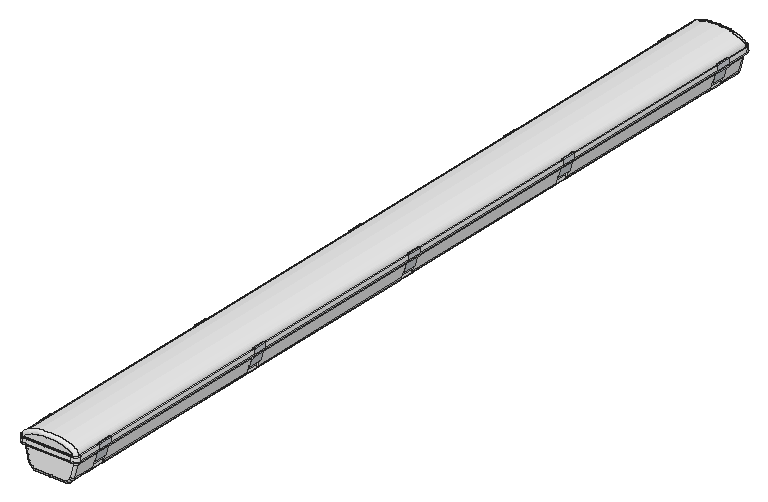
Revit family "0048804 Sylvania Lighting Fixture HYDROPROOF LED G3 1500MM T 4K E3 MW", category Lighting Fixtures, host Face, Revit 2016
Family settings
  Host = Face
  Part Type = Normal
  Round Connector Dimension = Use Diameter
  OmniClass Number = 23.80.70.11.14
  OmniClass Title = General Luminaries, Directional
  Cut with Voids When Loaded = No
  Light Source = Yes
  Shared = No
  Room Calculation Point = No
Parameters (values of type "0048804 HYDROPROOF LED G3 1500MM T 4K E3 MW")
  Width = 110 mm
  Weight = "2.95 kg"
  Wattage Comments = "n/a"
  Wattage = 50 W
  WarrantyStartDate [instance] = "n/a"
  WarrantyGuarantorParts = "n/a"
  WarrantyDurationUnit = "n/a"
  WarrantyDurationParts = "n/a"
  WarrantyDescription = "n/a"
  built-in parameter 1150110 = 1 (stored number, unit not read)
  Voltage = 230 V
  URL = "http://www.sylvania-lighting.com"
  TypeName = "HYDROPROOF LED G3 1500MM T 4K E3 MW"
  Type Image = <None>
  Type Comments = "n/a"
  built-in parameter 1114217 = 1 (stored number, unit not read)
  Tilt Angle = -90.00°
  built-in parameter 1150109 = 1 (stored number, unit not read)
  built-in parameter 1150134 = 12
  built-in parameter 1150113 = 1 (stored number, unit not read)
  SerialNumber [instance] = "n/a"
  ReflectorMaterial = none
  PowerFactor = 0
  PowerConsumption = "50 W"
  Photometric Web File = "0048804.ies"
  NominalWidth = 0 mm
  NominalLength = 1578 mm
  NominalHeight = 78 mm
  Name = "HYDROPROOF LED G3 1500MM T 4K E3 MW"
  ModelReference = "HYDROPROOF LED G3 1500MM T 4K E3 MW"
  ModelNumber = "0048804"
  Model = "HYDROPROOF LED G3 1500MM T 4K E3 MW"
  Material = "grp housing, pmma diffuser"
  ManufacturerName = "Feilo Sylvania"
  Manufacturer = "Feilo Sylvania"
  LuminousEfficacy = "135 lm/W"
  built-in parameter 1150105 = 537.15 (stored number, unit not read)
  Lumens = 6750 lm
  LuminaireType = ""
  built-in parameter 1150115 = 1 (stored number, unit not read)
  LightOutputRatio = "n/a"
  built-in parameter 1150137 = (empty or 0)
  built-in parameter 1150139 = (empty or 0)
  Length = 1572 mm
  LampsType = Lamp  # "LED"
  LampNominalLuminous = "6850 lm"
  LampMacAdamStep = "3"
  LampColourTemperature = "4000 K"
  LampColourRenderingIndex = "80"
  built-in parameter 1150112 = 1 (stored number, unit not read)
  built-in parameter 1150114 = 1 (stored number, unit not read)
  Lamp = "LED"
  Keynote = "16500"
  InstallationDate [instance] = "n/a"
  InputVoltage = "220-240V~"
  InputNominalFrequency = "50/60 Hz"
  built-in parameter 1150132 = (empty or 0)
  built-in parameter 1150102 = (empty or 0)
  built-in parameter 1150107 = 4000 (stored number, unit not read)
  built-in parameter 1150138 = (empty or 0)
  IngressProtection = "IP65"
  ImpactProtectionIndex = "IK02"
  built-in parameter 1150106 = 5.3715 (stored number, unit not read)
  IfcExportType = "IfcLightFixtureType"
  IfcExportAs = "IfcLightFixtureType"
  ExpectedLife = 50000
  Emit from Rectangle Width = Width - 20 mm  # 90 mm
  Emit from Rectangle Length = Length - 20 mm  # 1552 mm
  Emit Shape Visible in Rendering = no
  ElectricShockClassification = "Class I"
  built-in parameter 1150104 = 12.542 (stored number, unit not read)
  DurationUnit = "hours"
  DocumentationLiterature = "http://www.sylvania-lighting.com/product/en-int/products/0048804"
  DimmingControlOptions = "Non dimmable"
  Dimming Lamp Color Temperature Shift = <None>
  DiffuserMaterial = Diffuser-Sylvania-Transparent
  Description = "Hydroproof, integrated LED chemical resistant weatherproof luminaire, with UV stabilized flat diffuser and linear prisms designed to achieve uniform lit appearance, optimise light output and to reduce glare, stainless steel diffuser clips and fixing brackets for surface and wall mounting. L 1578 mm x W 110 mm x H 78 mm size, GRP housing, PMMA diffuser, Non dimmable,   3 hour emergency, 4000K, CRI80,  6850 lm, 50 W, 135 lm/W, nominal average life (h):50000, energy class: A++ A+ A Class I,IK02, IP65."
  Default Elevation = 1219.2 mm
  CreatedOn = "3/27/2018"
  CreatedBy = "aron.fodor@feilosylvania.com"
  Cost = 0
  Color Filter = 16777215
  built-in parameter 1114216 [instance] = (empty or 0)
  ClassificationValue = "EF_70_80"
  ClassificationName = "Uniclass2015"
  BodyMaterial = Body-Sylvania-Gray
  BarCode [instance] = "n/a"
  built-in parameter 1114218 = 1 (stored number, unit not read)
  built-in parameter 1150133 = 10 (stored number, unit not read)
  AssetType = "Fixed"
  AssetIdentifier [instance] = "n/a"
  Assembly Code = "D5020200"
  Apparent Load = 50 VA
  AccessoryMaterial = Diffuser-Sylvania-Glow
Types (2, lengths in mm): name | Wattage | PowerConsumption | Photometric Web File | built-in parameter 1150105 | Lumens | LampNominalLuminous | built-in parameter 1150106 | Apparent Load
  0048804 HYDROPROOF LED G3 1500MM T 4K E3 MW | 50 W | "50 W" | "0048804.ies" | 537.15 (stored number, unit not read) | 6750 lm | "6850 lm" | 5.3715 (stored number, unit not read) | 50 VA
  0048804 HYDROPROOF LED G3 1500MM T 4K E3 MW Emergency mode | 1.7037 W | "1.70 W" | "0048804EM.ies" | 18.303 (stored number, unit not read) | 230 lm | "230 lm" | 0.18303 (stored number, unit not read) | 1.7037 VA
Reference planes
  plane 1 "Center (Front/Back)": y = 0
  plane 2: z = 0
  plane 3 "Center (Left/Right)": x = 0
  plane 4: z = 54
  plane 5: x = -27.7
  plane 6: x = -34.8
  plane 7: x = -39.6
  plane 8: x = -42.2
  plane 9: z = 3
  plane 10: z = 7.8
  plane 11: z = 12.3
  plane 12: z = 36.6
  plane 13: z = 42.8
  plane 14: x = -51.1
  plane 15: z = 46.2
  plane 16: x = -55
  plane 17: y = 786
  plane 18: y = -786
  plane 19: x = 27.7
  plane 20: x = 34.8
  plane 21: x = 39.6
  plane 22: x = 42.2
  plane 23: x = 51.1
  plane 24: x = 55
  plane 25: y = 778.4
  plane 26: y = -778.4
  plane 27: y = -774.7
  plane 28: y = 774.7
  plane 29: z = 74
  plane 30: x = -51.5
  plane 31: x = 51.5
  plane 32: z = 55.2
  plane 33: y = -782.5
  plane 34: y = 782.5
  plane 35: x = -37.5
  plane 36: x = 37.5
  plane 37: x = -48.7
  plane 38: x = 48.7
  plane 39: x = 18
  plane 40: x = -18
  plane 41: z = 50.2
  plane 42: z = 24.6
  plane 43: y = 720
  plane 44: y = 706
  plane 45: y = 734
  plane 46: y = -720
  plane 47: y = 720
  plane 48: y = 706
  plane 49: y = 734
  plane 50: y = -720
  plane 51: y = -734
  plane 52: y = -706
  plane 53: y = 360
  plane 54: y = 346
  plane 55: y = 374
  plane 56: y = 0
  plane 57: y = -14
  plane 58: y = 14
  plane 59: y = -360
  plane 60: y = -374
  plane 61: y = -346
Forms (mm)
  Sweep 1, solid, material "Body-Sylvania-Gray" <- "BodyMaterial", detail levels medium+fine
    path origin (1223.4, -4572, 54) x (0, -1, 0) y (1, 0, 0)
      loop
        arc (-3796, -1278.4) -> (-3788.929, -1275.471) -> (-3786, -1268.4) r 10
        line (-3786, -1268.4) -> (-3786, -1178.4)
        arc (-3786, -1178.4) -> (-3788.929, -1171.329) -> (-3796, -1168.4) r 10
        line (-3796, -1168.4) -> (-5348, -1168.4)
        arc (-5348, -1168.4) -> (-5355.071, -1171.329) -> (-5358, -1178.4) r 10
        line (-5358, -1178.4) -> (-5358, -1268.4)
        arc (-5358, -1268.4) -> (-5355.071, -1275.471) -> (-5348, -1278.4) r 10
        line (-5348, -1278.4) -> (-3796, -1278.4)
    profile origin (-55, 0, 54) x (-1, 0, 0) y (0, 0, 1)
      loop
        line (0, 0) -> (-1, 0) -> (-1, -7.726)
        arc (-1, -7.726) -> (-1.994, -9.498) -> (-3.9, -10.2) r 2.937
        line (-3.9, -10.2) -> (-8.571, -10.2) -> (-8.571, -11.2) -> (-3.9, -11.2)
        arc (-3.9, -11.2) -> (-1.313, -10.231) -> (0, -7.8) r 3.937
        line (0, -7.8) -> (0, 0)
  Sweep 2, solid, material "Body-Sylvania-Gray" <- "BodyMaterial", detail levels medium+fine
    path origin (0, 0, 0) x (1, 0, 0) y (0, 0, 1)
      loop
        line (48.7, 42.8) -> (48.7, 36.6) -> (42.203, 12.31)
        arc (42.203, 12.31) -> (41.199, 9.884) -> (39.6, 7.8) r 10.052
        line (39.6, 7.8) -> (34.8, 3)
        arc (34.8, 3) -> (31.554, 0.781) -> (27.7, 0) r 9.902
        line (27.7, 0) -> (0, 0) -> (-27.7, 0)
        arc (-27.7, 0) -> (-31.554, 0.781) -> (-34.8, 3) r 9.902
        line (-34.8, 3) -> (-39.6, 7.8)
        arc (-39.6, 7.8) -> (-41.199, 9.884) -> (-42.203, 12.31) r 10.052
        line (-42.203, 12.31) -> (-48.7, 36.6) -> (-48.7, 42.8)
    profile origin (0, 0, 0) x (0, 0, -1) y (0, -1, 0)
      loop
        arc (0, 773.4) -> (-1.464, 776.936) -> (-5, 778.4) r 5
        line (-5, 778.4) -> (-7.8, 778.4) -> (-7.8, -778.4) -> (-5, -778.4)
        arc (-5, -778.4) -> (-1.464, -776.936) -> (0, -773.4) r 5
        line (0, -773.4) -> (0, 773.4)
  Extrusion 3, solid, material "Body-Sylvania-Gray" <- "BodyMaterial", detail levels medium+fine
    sketch origin (1524, 778.4, 1219.2) x (1, 0, 0) y (0, 0, 1)
      loop
        arc (-1558.668, -1204.874) -> (-1558.443, -1205.418) -> (-1558.085, -1205.885) r 2.252
        line (-1558.085, -1205.885) -> (-1553.231, -1210.738)
        arc (-1553.231, -1210.738) -> (-1552.534, -1211.227) -> (-1551.7, -1211.4) r 2.102
        line (-1551.7, -1211.4) -> (-1496.3, -1211.4)
        arc (-1496.3, -1211.4) -> (-1495.466, -1211.227) -> (-1494.769, -1210.738) r 2.102
        line (-1494.769, -1210.738) -> (-1489.915, -1205.885)
        arc (-1489.915, -1205.885) -> (-1489.557, -1205.418) -> (-1489.332, -1204.874) r 2.252
        line (-1489.332, -1204.874) -> (-1483.1, -1181.575) -> (-1483.1, -1176.4) -> (-1564.9, -1176.4) -> (-1564.9, -1181.575) -> (-1558.668, -1204.874)
    from 0 to 1556.8
  Sweep 4, solid, material "Diffuser-Sylvania-Transparent" <- "DiffuserMaterial", detail levels medium+fine
    path origin (0, 0, 0) x (1, 0, 0) y (0, 0, 1)
      loop
        spline (-51.5, 55.2) -> (-49.745, 60.066) -> (-44.6, 64.6) -> (-36.416, 68.494) -> (-25.75, 71.481) -> (-13.329, 73.359) -> (0, 74) -> (13.329, 73.359) -> (25.75, 71.481) -> (36.416, 68.494) -> (44.6, 64.6) -> (49.745, 60.066) -> (51.5, 55.2)
    profile origin (51.5, 0, 55.2) x (0, -1, 0) y (1, 0, 0)
      loop
        arc (782.5, -5.5) -> (780.889, -1.611) -> (777, 0) r 5.5
        line (777, 0) -> (-777, 0)
        arc (-777, 0) -> (-780.889, -1.611) -> (-782.5, -5.5) r 5.5
        line (-782.5, -5.5) -> (-782.5, -6.3) -> (-781.5, -6.3) -> (-781.5, -5.5)
        arc (-781.5, -5.5) -> (-780.182, -2.318) -> (-777, -1) r 4.5
        line (-777, -1) -> (777, -1)
        arc (777, -1) -> (780.182, -2.318) -> (781.5, -5.5) r 4.5
        line (781.5, -5.5) -> (781.5, -6.347) -> (782.5, -6.347) -> (782.5, -5.5)
  Extrusion 5, solid, material "Diffuser-Sylvania-Transparent" <- "DiffuserMaterial", detail levels medium+fine
    sketch origin (1524, -782.5, 1219.2) x (1, 0, 0) y (0, 0, 1)
      loop
        line (-1569.653, -1164) -> (-1478.347, -1164)
        spline (-1478.347, -1164) -> (-1478.969, -1162.594) -> (-1482.527, -1159.545) -> (-1489.588, -1156.201) -> (-1499.458, -1153.445) -> (-1511.242, -1151.663) -> (-1524, -1151.049) -> (-1536.758, -1151.663) -> (-1548.542, -1153.445) -> (-1558.412, -1156.201) -> (-1565.473, -1159.545) -> (-1569.031, -1162.594) -> (-1569.653, -1164)
    from 0 to -1
  Extrusion 6, solid, material "Diffuser-Sylvania-Transparent" <- "DiffuserMaterial", detail levels medium+fine
    sketch origin (1524, 782.5, 1219.2) x (1, 0, 0) y (0, 0, 1)
      loop
        spline (-1478.3, -1164) -> (-1478.931, -1162.565) -> (-1482.502, -1159.505) -> (-1489.572, -1156.155) -> (-1499.446, -1153.394) -> (-1511.236, -1151.614) -> (-1524, -1151.007) -> (-1536.764, -1151.614) -> (-1548.554, -1153.394) -> (-1558.428, -1156.155) -> (-1565.498, -1159.505) -> (-1569.069, -1162.565) -> (-1569.7, -1164)
        line (-1569.7, -1164) -> (-1478.3, -1164)
    from 0 to 1
  Extrusion 7, solid, material "Diffuser-Sylvania-Transparent" <- "DiffuserMaterial", detail levels medium+fine
    sketch origin (1223.4, -4572, 55.2) x (0, -1, 0) y (-1, 0, 0)
      loop
        arc (-5353.5, 1177.4) -> (-5352.182, 1174.218) -> (-5349, 1172.9) r 4.5
        line (-5349, 1172.9) -> (-3795, 1172.9)
        arc (-3795, 1172.9) -> (-3791.818, 1174.218) -> (-3790.5, 1177.4) r 4.5
        line (-3790.5, 1177.4) -> (-3790.5, 1269.4)
        arc (-3790.5, 1269.4) -> (-3791.818, 1272.582) -> (-3795, 1273.9) r 4.5
        line (-3795, 1273.9) -> (-5349, 1273.9)
        arc (-5349, 1273.9) -> (-5352.182, 1272.582) -> (-5353.5, 1269.4) r 4.5
        line (-5353.5, 1269.4) -> (-5353.5, 1177.4)
      loop
        line (-5358, 1268.4) -> (-5358, 1178.4)
        arc (-5358, 1178.4) -> (-5355.071, 1171.329) -> (-5348, 1168.4) r 10
        line (-5348, 1168.4) -> (-3796, 1168.4)
        arc (-3796, 1168.4) -> (-3788.929, 1171.329) -> (-3786, 1178.4) r 10
        line (-3786, 1178.4) -> (-3786, 1268.4)
        arc (-3786, 1268.4) -> (-3788.929, 1275.471) -> (-3796, 1278.4) r 10
        line (-3796, 1278.4) -> (-5348, 1278.4)
        arc (-5348, 1278.4) -> (-5355.071, 1275.471) -> (-5358, 1268.4) r 10
    from 0 to 1.2
  Extrusion 8, solid, material "Diffuser-Sylvania-Glow" <- "AccessoryMaterial", detail levels fine
    sketch origin (0, 0, 0) x (1, 0, 0) y (0, 0, 1)
      loop
        circle (-18, 50.2) r 8
      loop
        circle (18, 50.2) r 8
    from -774.7 to 774.7
  Extrusion 9, void
    sketch origin (0, 720, 2343.807) x (0, 0, -1) y (-1, 0, 0)
      loop
        line (2340.807, -37.5) -> (2331.507, -37.5) -> (2319.207, -42.2) -> (2319.207, -48.7) -> (2340.807, -48.7) -> (2340.807, -37.5)
      loop
        line (2340.807, 37.5) -> (2340.807, 48.7) -> (2319.207, 48.7) -> (2319.207, 42.2) -> (2331.507, 37.5) -> (2340.807, 37.5)
    from -14 to 14
  Extrusion 10, solid, material "Body-Sylvania-Gray" <- "BodyMaterial", detail levels coarse
    sketch origin (0, 0, 0) x (1, 0, 0) y (0, 0, 1)
      loop
        line (55, 42.8) -> (55, 55.2) -> (-55, 55.2) -> (-55, 42.791) -> (-42.2, 0) -> (42.2, 0) -> (55, 42.8)
    from -786 to 786
  Extrusion 11, solid, material "Diffuser-Sylvania-Transparent" <- "DiffuserMaterial", detail levels coarse
    sketch origin (0, 0, 0) x (1, 0, 0) y (0, 0, 1)
      loop
        arc (51.5, 55.2) -> (0, 74) -> (-51.5, 55.2) r 79.939
        line (-51.5, 55.2) -> (51.5, 55.2)
    from 778.4 to -778.4
  Extrusion 12, void, not visible
    sketch origin (0, 720, 2343.807) x (0, 0, -1) y (-1, 0, 0)
      loop
        line (2340.807, -37.5) -> (2331.507, -37.5) -> (2319.207, -42.2) -> (2319.207, -48.7) -> (2340.807, -48.7) -> (2340.807, -37.5)
      loop
        line (2340.807, 37.5) -> (2340.807, 48.7) -> (2319.207, 48.7) -> (2319.207, 42.2) -> (2331.507, 37.5) -> (2340.807, 37.5)
    from -14 to 14
  Extrusion 13, void
    sketch origin (0, -720, 2343.807) x (0, 0, -1) y (-1, 0, 0)
      loop
        line (2340.807, -37.5) -> (2331.507, -37.5) -> (2319.207, -42.2) -> (2319.207, -48.7) -> (2340.807, -48.7) -> (2340.807, -37.5)
      loop
        line (2340.807, 37.5) -> (2340.807, 48.7) -> (2319.207, 48.7) -> (2319.207, 42.2) -> (2331.507, 37.5) -> (2340.807, 37.5)
    from -14 to 14
  Extrusion 14, void
    sketch origin (0, 360, 2343.807) x (0, 0, -1) y (-1, 0, 0)
      loop
        line (2340.807, -37.5) -> (2331.507, -37.5) -> (2319.207, -42.2) -> (2319.207, -48.7) -> (2340.807, -48.7) -> (2340.807, -37.5)
      loop
        line (2340.807, 37.5) -> (2340.807, 48.7) -> (2319.207, 48.7) -> (2319.207, 42.2) -> (2331.507, 37.5) -> (2340.807, 37.5)
    from -14 to 14
  Extrusion 15, void
    sketch origin (0, 0, 2343.807) x (0, 0, -1) y (-1, 0, 0)
      loop
        line (2340.807, -37.5) -> (2331.507, -37.5) -> (2319.207, -42.2) -> (2319.207, -48.7) -> (2340.807, -48.7) -> (2340.807, -37.5)
      loop
        line (2340.807, 37.5) -> (2340.807, 48.7) -> (2319.207, 48.7) -> (2319.207, 42.2) -> (2331.507, 37.5) -> (2340.807, 37.5)
    from -14 to 14
  Extrusion 16, void
    sketch origin (0, -360, 2343.807) x (0, 0, -1) y (-1, 0, 0)
      loop
        line (2340.807, -37.5) -> (2331.507, -37.5) -> (2319.207, -42.2) -> (2319.207, -48.7) -> (2340.807, -48.7) -> (2340.807, -37.5)
      loop
        line (2340.807, 37.5) -> (2340.807, 48.7) -> (2319.207, 48.7) -> (2319.207, 42.2) -> (2331.507, 37.5) -> (2340.807, 37.5)
    from -14 to 14
Cuts and joins
  Extrusion 9, Extrusion 13, Extrusion 14, Extrusion 15, Extrusion 16 cuts Sweep 2
  Extrusion 13, Extrusion 14, Extrusion 15, Extrusion 16 cuts Extrusion 3
  joined: Sweep 2, Extrusion 3
  joined: Sweep 4, Extrusion 5, Extrusion 6
Dimensions and locks
  locked: plane 4 to plane 2 at 54
  plane 5 to plane 6 to plane 7 to plane 8 to plane 14 to plane 16 = 7.1 mm locked, 4.8 mm locked, 2.6 mm locked, 8.9 mm, 3.9 mm
  plane 4 to plane 15 to plane 13 to plane 12 to plane 11 to plane 10 to plane 9 = 7.8 mm locked, 3.4 mm, 6.2 mm locked, 24.3 mm locked, 4.5 mm locked, 4.8 mm locked
  equal spacing: plane 18, plane 1 "Center (Front/Back)", plane 17
  "Length": plane 18 to plane 17
  plane 19 to plane 20 to plane 21 to plane 22 to plane 23 to plane 24 = 7.1 mm locked, 4.8 mm locked, 2.6 mm locked, 8.9 mm, 3.9 mm
  equal spacing: plane 24, plane 3 "Center (Left/Right)", plane 16
  "Width": plane 24 to plane 16
  equal spacing: plane 27, plane 1 "Center (Front/Back)", plane 28
  locked: plane 26 to plane 27 at 3.7
  locked: Sweep 1 sketch curve to profile plane at 1
  locked: Sweep 1 sketch curve to plane 13 at 1
  locked: Sweep 1 sketch curve to plane 13 at 3.937  (x2)
  locked: Sweep 1 sketch curve to profile plane at 3.9  (x2)
  locked: plane 29 to plane 4 at 20
  equal spacing: plane 31, plane 3 "Center (Left/Right)", plane 30
  locked: plane 30 to plane 16 at 3.5
  locked: plane 32 to plane 4 at 1.2
  equal spacing: plane 33, plane 1 "Center (Front/Back)", plane 34
  equal spacing: plane 36, plane 3 "Center (Left/Right)", plane 35
  locked: plane 3 "Center (Left/Right)" to plane 35 at 37.5
  locked: plane 34 to plane 17 at 3.5
  equal spacing: plane 38, plane 3 "Center (Left/Right)", plane 37
  locked: plane 37 to plane 16 at 6.3
  equal spacing: plane 25, plane 1 "Center (Front/Back)", plane 26
  locked: plane 17 to plane 25 at 7.6
  locked: Sweep 2 sketch curve to plane 2 at 5  (x2)
  locked: Sweep 2 sketch curve to plane 26 at 5
  locked: plane 25 to Sweep 2 sketch curve at 5
  locked: Sweep 4 sketch curve to plane 31 at 5.5  (x2)
  locked: Sweep 4 sketch curve to plane 34 at 5.5
  plane 33 to Sweep 4 sketch curve = 5.5 mm
  locked: plane 34 to Sweep 4 sketch curve at 1
  locked: Sweep 4 sketch curve to plane 31 at 1
  locked: Sweep 4 sketch curve to Sweep 4 sketch curve at 1
  locked: Sweep 4 sketch curve to plane 31 at 6.347
  locked: Sweep 4 sketch curve to plane 31 at 6.3
  equal spacing: plane 39, plane 3 "Center (Left/Right)", plane 40
  locked: plane 3 "Center (Left/Right)" to plane 40 at 18
  locked: plane 42 to plane 2 at 24.6
  plane 45 to plane 43 to plane 44 = 14 mm locked, 14 mm locked
  locked: plane 17 to plane 43 at 66
  equal spacing: plane 43, plane 1 "Center (Front/Back)", plane 46
  plane 49 to plane 47 to plane 48 = 14 mm locked, 14 mm locked
  plane 52 to plane 50 to plane 51 = 14 mm locked, 14 mm locked  (x2)
  equal spacing: group 1, group 6, group 7, group 8, group 5  (x2)
  equal spacing: group 5, group 8, group 7, group 6, group 1
  plane 55 to plane 53 to plane 54 = 14 mm locked, 14 mm locked  (x2)
  plane 58 to plane 56 to plane 57 = 14 mm locked, 14 mm locked  (x2)
  plane 61 to plane 59 to plane 60 = 14 mm locked, 14 mm locked  (x2)
  plane 43 to plane 53 to plane 1 "Center (Front/Back)" to plane 59 to plane 50 = 360 mm locked, 360 mm locked, 360 mm locked, 360 mm locked
  aligned and locked: plane 2 to host face
  aligned and locked: level to host face
  aligned and locked: plane 16 to Sweep 1 sketch curve
  aligned and locked: Sweep 1 sketch curve to plane 24
  aligned and locked: plane 18 to Sweep 1 sketch curve
  aligned and locked: Sweep 1 sketch curve to plane 13
  aligned and locked: profile plane to Sweep 1 sketch curve
  aligned and locked: plane 3 "Center (Left/Right)" to Sweep 2 sketch curve
  aligned and locked: plane 9 to Sweep 2 sketch curve
  aligned and locked: plane 10 to Sweep 2 sketch curve
  aligned and locked: plane 37 to Sweep 2 sketch curve
  aligned and locked: plane 12 to Sweep 2 sketch curve
  aligned and locked: Sweep 2 sketch curve to level
  aligned and locked: plane 21 to Sweep 2 sketch curve
  aligned and locked: plane 38 to Sweep 2 sketch curve
  aligned and locked: profile plane to Sweep 2 sketch curve
  aligned and locked: plane 25 to Sweep 2 sketch curve
  aligned and locked: Sweep 2 sketch curve to plane 10
  aligned and locked: Extrusion 3 sketch curve to Sweep 2  (x7)
  aligned and locked: Sweep 2 to Extrusion 3 sketch curve
  aligned and locked: Extrusion 3 to plane 25
  aligned and locked: plane 26 to Extrusion 3
  aligned and locked: plane 32 to Sweep 4 sketch curve
  aligned and locked: plane 33 to Sweep 4 sketch curve
  aligned and locked: Sweep 4 to Extrusion 5
  aligned and locked: plane 33 to Extrusion 5
  aligned and locked: Extrusion 5 sketch curve to Sweep 4
  aligned and locked: cut or joined group of Sweep 4, Extrusion 5, Extrusion 6 to Extrusion 6 sketch curve
  aligned and locked: Extrusion 7 sketch curve to cut or joined group of Sweep 4, Extrusion 5, Extrusion 6  (x2)
  aligned and locked: cut or joined group of Sweep 4, Extrusion 5, Extrusion 6 to Extrusion 7 sketch curve  (x2)
  aligned and locked: plane 41 to Extrusion 8 sketch curve  (x2)
  aligned and locked: plane 39 to Extrusion 8 sketch curve
  aligned and locked: plane 27 to Extrusion 8
  aligned and locked: Extrusion 8 to plane 28
  aligned and locked: Extrusion 9 to plane 42
  aligned and locked: plane 9 to Extrusion 9
  aligned and locked: plane 44 to Extrusion 9
  aligned and locked: Extrusion 9 to plane 45
  aligned and locked: Extrusion 7 sketch curve to Sweep 1  (x4)
  aligned and locked: plane 4 to Extrusion 7
  aligned and locked: Extrusion 7 to plane 32
  aligned and locked: nested 2 to plane 43
  aligned and locked: plane 43 to nested 1
  aligned and locked: Extrusion 10 sketch curve to plane 24
  aligned and locked: Extrusion 10 sketch curve to Extrusion 7
  aligned and locked: plane 8 to Extrusion 10 sketch curve
  aligned and locked: plane 22 to Extrusion 10 sketch curve
  aligned and locked: level to Extrusion 10 sketch curve
  aligned and locked: Extrusion 10 to plane 17
  aligned and locked: plane 18 to Extrusion 10
  aligned and locked: cut or joined group of Sweep 4, Extrusion 5, Extrusion 6 to Extrusion 11 sketch curve
  aligned and locked: Extrusion 11 sketch curve to cut or joined group of Sweep 4, Extrusion 5, Extrusion 6  (x2)
  aligned and locked: plane 31 to Extrusion 11 sketch curve
  aligned and locked: plane 30 to Extrusion 11 sketch curve
  aligned and locked: plane 26 to Extrusion 11
  aligned and locked: Extrusion 11 to plane 25
  aligned and locked: imposter light to plane 29
  aligned and locked: plane 3 "Center (Left/Right)" to imposter light
  aligned and locked: plane 1 "Center (Front/Back)" to imposter light
  aligned and locked: plane 51 to Extrusion 13
  aligned and locked: Extrusion 13 to plane 52
  aligned and locked: plane 54 to Extrusion 14
  aligned and locked: Extrusion 14 to plane 55
  aligned and locked: plane 57 to Extrusion 15
  aligned and locked: Extrusion 15 to plane 58
  aligned and locked: plane 60 to Extrusion 16
  aligned and locked: Extrusion 16 to plane 61
  aligned and locked: nested 3 to plane 53
  aligned and locked: plane 53 to nested 10
  aligned and locked: nested 4 to plane 56
  aligned and locked: plane 56 to nested 9
  aligned and locked: nested 5 to plane 59
  aligned and locked: plane 59 to nested 8
  aligned and locked: nested 6 to plane 50
  aligned and locked: plane 50 to nested 7
Automatic sketch dimensions
  host sketch curve to host sketch curve = 2438.4 mm  (x2)
  plane 17 to Sweep 1 sketch curve = 0 mm
  Sweep 1 sketch curve to plane 28 = 1.3 mm
  Sweep 1 sketch curve to plane 7 = 5.4 mm
  plane 27 to Sweep 1 sketch curve = 1.3 mm  (x2)
  Sweep 1 sketch curve to Sweep 1 sketch curve = 4.671 mm
  Sweep 1 sketch curve to plane 4 = 0 mm
  Sweep 2 sketch curve to plane 7 = 0 mm
  Sweep 2 sketch curve to plane 6 = 0 mm
  Sweep 2 sketch curve to plane 5 = 0 mm
  plane 19 to Sweep 2 sketch curve = 0 mm
  Sweep 2 sketch curve to plane 9 = 0 mm
  plane 20 to Sweep 2 sketch curve = 0 mm
  Sweep 2 sketch curve to plane 12 = 0 mm
  Sweep 2 sketch curve to plane 10 = 0 mm
  Sweep 2 sketch curve to plane 13 = 0 mm  (x2)
  Sweep 2 sketch curve to plane 8 = 0.003 mm
  plane 6 to Sweep 2 sketch curve = 2.308 mm
  plane 20 to Sweep 2 sketch curve = 2.308 mm
  Sweep 2 sketch curve to plane 22 = 0.003 mm
  Sweep 2 sketch curve to plane 11 = 0.01 mm  (x2)
  Extrusion 3 sketch curve to plane 5 = 0 mm
  plane 19 to Extrusion 3 sketch curve = 0 mm
  plane 6 to Extrusion 3 sketch curve = 0.132 mm
  plane 6 to Extrusion 3 sketch curve = 0.715 mm
  Extrusion 3 sketch curve to Extrusion 3 sketch curve = 1.592 mm
  Extrusion 3 sketch curve to plane 10 = 0.662 mm  (x2)
  plane 20 to Extrusion 3 sketch curve = 2.308 mm
  plane 20 to Extrusion 3 sketch curve = 0.715 mm
  plane 20 to Extrusion 3 sketch curve = 0.132 mm
  Sweep 4 sketch curve to plane 30 = 0 mm
  Sweep 4 sketch curve to plane 3 "Center (Left/Right)" = 0 mm
  Sweep 4 sketch curve to Sweep 4 sketch curve = 0 mm  (x2)
  plane 37 to Extrusion 5 sketch curve = 3.047 mm
  Extrusion 5 sketch curve to plane 38 = 3.047 mm
  plane 37 to Extrusion 6 sketch curve = 3 mm
  Extrusion 6 sketch curve to plane 38 = 3 mm
  plane 25 to Extrusion 7 sketch curve = 1.4 mm  (x2)
  Extrusion 7 sketch curve to plane 26 = 1.4 mm  (x2)
  Extrusion 8 sketch curve to plane 40 = 0 mm
  Extrusion 9 sketch curve to Extrusion 9 sketch curve = 0 mm
  Extrusion 9 sketch curve to Extrusion 9 sketch curve = 12.3 mm  (x2)
  Extrusion 9 sketch curve to Extrusion 9 sketch curve = 9.3 mm  (x2)
  Extrusion 9 sketch curve to Extrusion 9 sketch curve = 6.5 mm
  Extrusion 9 sketch curve to Extrusion 9 sketch curve = 4.7 mm  (x2)
  Extrusion 9 sketch curve to Extrusion 9 sketch curve = 75 mm
  Extrusion 9 sketch curve to Extrusion 9 sketch curve = 11.2 mm
  Extrusion 10 sketch curve to plane 13 = 0 mm
  plane 13 to Extrusion 10 sketch curve = 0.009 mm
  Extrusion 11 sketch curve to level = 5.939 mm
  Extrusion 10 sketch curve to plane 16 = 0 mm
  Extrusion 12 sketch curve to Extrusion 12 sketch curve = 0 mm
  Extrusion 12 sketch curve to Extrusion 12 sketch curve = 12.3 mm  (x2)
  Extrusion 12 sketch curve to Extrusion 12 sketch curve = 9.3 mm  (x2)
  Extrusion 12 sketch curve to Extrusion 12 sketch curve = 6.5 mm
  Extrusion 12 sketch curve to Extrusion 12 sketch curve = 4.7 mm  (x2)
  Extrusion 12 sketch curve to Extrusion 12 sketch curve = 75 mm
  Extrusion 12 sketch curve to Extrusion 12 sketch curve = 11.2 mm
  Extrusion 13 sketch curve to Extrusion 13 sketch curve = 0 mm
  Extrusion 13 sketch curve to Extrusion 13 sketch curve = 12.3 mm  (x2)
  Extrusion 13 sketch curve to Extrusion 13 sketch curve = 9.3 mm  (x2)
  Extrusion 13 sketch curve to Extrusion 13 sketch curve = 6.5 mm
  Extrusion 13 sketch curve to Extrusion 13 sketch curve = 4.7 mm  (x2)
  Extrusion 13 sketch curve to Extrusion 13 sketch curve = 75 mm
  Extrusion 13 sketch curve to Extrusion 13 sketch curve = 11.2 mm
  Extrusion 14 sketch curve to Extrusion 14 sketch curve = 0 mm
  Extrusion 14 sketch curve to Extrusion 14 sketch curve = 12.3 mm  (x2)
  Extrusion 14 sketch curve to Extrusion 14 sketch curve = 9.3 mm  (x2)
  Extrusion 14 sketch curve to Extrusion 14 sketch curve = 6.5 mm
  Extrusion 14 sketch curve to Extrusion 14 sketch curve = 4.7 mm  (x2)
  Extrusion 14 sketch curve to Extrusion 14 sketch curve = 75 mm
  Extrusion 14 sketch curve to Extrusion 14 sketch curve = 11.2 mm
  Extrusion 15 sketch curve to Extrusion 15 sketch curve = 0 mm
  Extrusion 15 sketch curve to Extrusion 15 sketch curve = 12.3 mm  (x2)
  Extrusion 15 sketch curve to Extrusion 15 sketch curve = 9.3 mm  (x2)
  Extrusion 15 sketch curve to Extrusion 15 sketch curve = 6.5 mm
  Extrusion 15 sketch curve to Extrusion 15 sketch curve = 4.7 mm  (x2)
  Extrusion 15 sketch curve to Extrusion 15 sketch curve = 75 mm
  Extrusion 15 sketch curve to Extrusion 15 sketch curve = 11.2 mm
  Extrusion 16 sketch curve to Extrusion 16 sketch curve = 0 mm
  Extrusion 16 sketch curve to Extrusion 16 sketch curve = 12.3 mm  (x2)
  Extrusion 16 sketch curve to Extrusion 16 sketch curve = 9.3 mm  (x2)
  Extrusion 16 sketch curve to Extrusion 16 sketch curve = 6.5 mm
  Extrusion 16 sketch curve to Extrusion 16 sketch curve = 4.7 mm  (x2)
  Extrusion 16 sketch curve to Extrusion 16 sketch curve = 75 mm
  Extrusion 16 sketch curve to Extrusion 16 sketch curve = 11.2 mm
  radius of Extrusion 8 sketch curve = 8 mm  (x2)
Nested families
  nested 1: "Clip" at (42.2, 720, 24.6), type "Clip", detail levels fine
  nested 2: "Clip" at (-42.2, 720, 24.6) x (-1, 0, 0) z (0, 0, 1), type "Clip", detail levels fine
  nested 3: "Clip" at (-42.2, 360, 24.6) x (-1, 0, 0) z (0, 0, 1), type "Clip", detail levels fine
  nested 4: "Clip" at (-42.2, 0, 24.6) x (-1, 0, 0) z (0, 0, 1), type "Clip", detail levels fine
  nested 5: "Clip" at (-42.2, -360, 24.6) x (-1, 0, 0) z (0, 0, 1), type "Clip", detail levels fine
  nested 6: "Clip" at (-42.2, -720, 24.6) x (-1, 0, 0) z (0, 0, 1), type "Clip", detail levels fine
  nested 7: "Clip" at (42.2, -720, 24.6), type "Clip", detail levels fine
  nested 8: "Clip" at (42.2, -360, 24.6), type "Clip", detail levels fine
  nested 9: "Clip" at (42.2, 0, 24.6), type "Clip", detail levels fine
  nested 10: "Clip" at (42.2, 360, 24.6), type "Clip", detail levels fine
Connectors
  electrical at (0, 0, 0), driven by "Apparent Load"
    settings: index 1, voltage 230 V, apparent load 50 VA, apparent load phase1 0 VA, apparent load phase2 0 VA, apparent load phase3 0 VA, power factor 0, load classification "Lighting", number of poles 1, system type 30, power factor state 1, is connector primary yes, connector utility no, sub classification motor no, connector description ""
Definition of nested family "Clip"
  Parameters (values of type "Clip")
    URL = "http://www.feilosylvania.com"
    Type Comments = "n/a"
    Model = "n/a"
    Manufacturer = "Feilo Sylvania"
    Keynote = "n/a"
    Description = "n/a"
    Default Elevation = 1219.2 mm
    Cost = 0
    BodyMaterial = none
    Assembly Code = "n/a"
  Reference planes
    plane 1 "Center (Front/Back)": y = 0
    plane 2: z = 0
    plane 3 "Center (Left/Right)": x = 0
    plane 4: x = 3.3
    plane 5: x = 6.5
    plane 6: x = 8.9
    plane 7: x = 12.8
    plane 8: z = 12
    plane 9: z = 18.2
    plane 10: z = 21.6
    plane 11: z = 30.6
    plane 12: x = 9.3
    plane 13: z = 19.2
    plane 14: z = 16.2
    plane 15: x = 10.1
    plane 16: y = 12
    plane 17: y = -12
  Forms (mm)
    Extrusion 1, solid
      sketch origin (-0.8, 0, 0) x (1, 0, 0) y (0, 1, 0)
        loop
          line (-1219.2, 1219.2) -> (-1219.2, -1219.2) -> (1219.2, -1219.2) -> (1219.2, 1219.2) -> (-1219.2, 1219.2)
      from 0 to -304.8
    Extrusion 2, solid
      sketch origin (0, 0, 0) x (1, 0, 0) y (0, 0, 1)
        loop
          line (8.9, 16.2) -> (4.58, 0) -> (0, 0) -> (0, -0.8) -> (5.195, -0.8) -> (9.603, 15.731) -> (13.6, 18.806) -> (13.6, 30.6)
          arc (13.6, 30.6) -> (11.45, 32.75) -> (9.3, 30.6) r 2.15
          line (9.3, 30.6) -> (10.1, 30.6)
          arc (10.1, 30.6) -> (11.45, 31.95) -> (12.8, 30.6) r 1.35
          line (12.8, 30.6) -> (12.8, 19.2) -> (8.9, 16.2)
      from -12 to 12
  Lines and regions (mm)
    reference lines
      curve 1: line (3.3, 0, 0) -> (6.5, 0, 12)
      curve 2: arc (8.9, 0, 18.2) -> (11.488, 0, 19.169) -> (12.8, 0, 21.6) r 3.934
  Dimensions and locks
    plane 7 to plane 6 to plane 5 to plane 4 to plane 3 "Center (Left/Right)" = 3.9 mm locked, 2.4 mm locked, 3.2 mm locked, 3.3 mm locked
    plane 11 to plane 10 to plane 9 to plane 8 to plane 2 = 9 mm locked, 3.4 mm locked, 6.2 mm locked, 12 mm locked
    locked: plane 7 to plane 12 at 3.5
    locked: plane 13 to plane 9 at 1
    locked: plane 9 to plane 14 at 2
    locked: plane 15 to plane 12 at 0.8
    locked: plane 2 to Extrusion 2 sketch curve at 0.8
    locked: Extrusion 2 sketch curve to Extrusion 2 sketch curve at 0.8  (x3)
    locked: plane 7 to Extrusion 2 sketch curve at 1.35
    equal spacing: plane 17, plane 1 "Center (Front/Back)", plane 16
    locked: plane 1 "Center (Front/Back)" to plane 16 at 12
    aligned and locked: plane 2 to Extrusion 1
    aligned and locked: level to Extrusion 1
    aligned and locked: plane 4 to curve 1
    aligned and locked: plane 5 to curve 1
    aligned and locked: plane 6 to curve 2
    aligned and locked: plane 10 to curve 2
    aligned and locked: plane 14 to Extrusion 2 sketch curve
    aligned and locked: plane 13 to Extrusion 2 sketch curve
    aligned and locked: plane 7 to Extrusion 2 sketch curve
    aligned and locked: plane 3 "Center (Left/Right)" to Extrusion 2 sketch curve
    aligned and locked: Extrusion 2 sketch curve to level
    aligned and locked: Extrusion 2 sketch curve to plane 11
    aligned and locked: plane 11 to Extrusion 2 sketch curve
    aligned and locked: Extrusion 2 to plane 16
    aligned and locked: plane 17 to Extrusion 2
  Automatic sketch dimensions
    Extrusion 1 sketch curve to Extrusion 1 sketch curve = 2438.4 mm  (x2)
    curve 2 to plane 7 = 0 mm
    curve 1 to level = 0 mm
    curve 1 to plane 8 = 0 mm
    curve 2 to plane 9 = 0 mm
    plane 6 to curve 2 = 0.002 mm
    Extrusion 2 sketch curve to Extrusion 2 sketch curve = 0 mm
    Extrusion 2 sketch curve to plane 6 = 0 mm
    plane 4 to Extrusion 2 sketch curve = 1.28 mm
